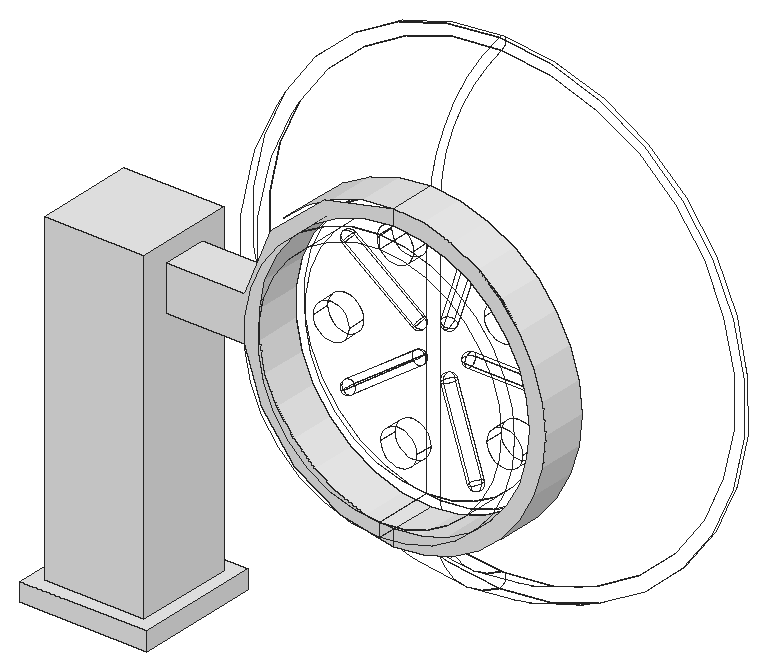
Revit family "Soap Holder-Wall-Caroma Quatro1", category Specialty Equipment, host Face, Revit 2013
Parameters (values of type "Standard")
  URL = "http://www.caroma.com.au/"
  Type Comments = "Caroma Quatro Soap Holder"  # constant formula
  ModifiedIssue_ANZRS = 1  # constant formula
  Model = "90734C"  # constant formula
  Material_ANZRS = Metal-Chrome-Caroma
  Manufacturer = "GWA Bathrooms & Kitchens"  # constant formula
  Length_ANZRS = 109 mm  # constant formula
  Glazing = Glass-Clear-Caroma
  Description = ""
  Default Elevation = 1000 mm
  CreatedBy_ANZRS = "Design Content"  # constant formula
  CreatedByURL_ANZRS = "www.designcontent.com.au"
  Cost = 0
  Assembly Code = "C1030200"
Reference planes
  plane 1 "Center (Elevation)": y = 0
  plane 2 "Back": z = 0
  plane 3 "Center (Left/Right)": x = 0
  plane 4 "Left": x = -14
  plane 5 "Right": x = 14
  plane 6 "Bottom": y = -14
  plane 7 "Top": y = 14
  plane 8 "Front": z = 130.5
  plane 9: z = 76
  plane 10 "Centre of Holder": x = 61.5
Forms (mm)
  Revolve 1, solid, material "Glass-Clear-Caroma" <- "Glazing"
    sketch origin (61.5, 0, 0) x (0, 1, 0) y (0, 0, 1)
      loop
        line (5.001, 96.992) -> (-9, 96.992) -> (-9, 94) -> (4, 94) -> (4, 67) -> (8, 67) -> (8, 97.225)
        arc (8, 97.225) -> (12.714, 110.859) -> (24.842, 118.67) r 22.073
        arc (24.842, 118.67) -> (25.943, 120.482) -> (24.131, 121.584) r 1.5
        arc (24.131, 121.584) -> (10.282, 112.62) -> (5.001, 96.992) r 25.073
      axis (24.842, 67) -> (-9, 67)
    angle from 0 to 360
  Extrusion 2, solid, material "Metal-Chrome-Caroma" <- "Material_ANZRS"
    sketch origin (0, 0, 0) x (1, 0, 0) y (0, 1, 0)
      loop
        line (-14, 14) -> (-14, -14) -> (14, -14) -> (14, 14) -> (-14, 14)
    from 0 to 4
  Extrusion 3, solid, material "Metal-Chrome-Caroma" <- "Material_ANZRS"
    sketch origin (0, 0, 0) x (1, 0, 0) y (0, 1, 0)
      loop
        line (-11, 11) -> (-11, -11) -> (11, -11) -> (11, 11) -> (-11, 11)
    from 4 to 76
  Extrusion 4, solid, material "Metal-Chrome-Caroma" <- "Material_ANZRS"
    sketch origin (0, 0, 0) x (1, 0, 0) y (0, 1, 0)
      loop
        line (11, 5) -> (11, -5) -> (29.606, -5) -> (29.606, 5) -> (11, 5)
    from 62 to 72
  Extrusion 5, void
    sketch origin (0, 0, 0) x (1, 0, 0) y (0, 0, 1)
      loop
        circle (78.279, 79.653) r 4
      loop
        circle (54.647, 86.964) r 4
      loop
        circle (40.447, 66.692) r 4
      loop
        circle (55.367, 46.882) r 4
      loop
        circle (78.845, 55.015) r 4
    from -31.945 to 14
  Revolve 6, solid, material "Glass-Clear-Caroma" <- "Glazing"
    sketch origin (0, 0, 67) x (1, 0, 0) y (0, 1, 0)
      loop
        arc (88.706, 8) -> (88.267, 9.061) -> (87.206, 9.5) r 1.5
        line (87.206, 9.5) -> (68.009, 9.5)
        arc (68.009, 9.5) -> (66.949, 9.061) -> (66.509, 8) r 1.5
        line (66.509, 8) -> (88.706, 8)
      axis (66.509, 8) -> (88.706, 8)
    angle from 0 to 360
  Revolve 7, solid, material "Glass-Clear-Caroma" <- "Glazing"
    sketch origin (42.341, 0, 8.034) x (0.309017, 0, 0.951057) y (0, 1, 0)
      loop
        arc (88.706, 8) -> (88.267, 9.061) -> (87.206, 9.5) r 1.5
        line (87.206, 9.5) -> (68.009, 9.5)
        arc (68.009, 9.5) -> (66.949, 9.061) -> (66.509, 8) r 1.5
        line (66.509, 8) -> (88.706, 8)
      axis (66.509, 8) -> (88.706, 8)
    angle from 0 to 360
  Revolve 8, solid, material "Glass-Clear-Caroma" <- "Glazing"
    sketch origin (111.659, 0, 30.557) x (-0.809017, 0, 0.587785) y (0, 1, 0)
      loop
        arc (88.706, 8) -> (88.267, 9.061) -> (87.206, 9.5) r 1.5
        line (87.206, 9.5) -> (68.009, 9.5)
        arc (68.009, 9.5) -> (66.949, 9.061) -> (66.509, 8) r 1.5
        line (66.509, 8) -> (88.706, 8)
      axis (66.509, 8) -> (88.706, 8)
    angle from 0 to 360
  Revolve 9, solid, material "Glass-Clear-Caroma" <- "Glazing"
    sketch origin (111.659, 0, 103.443) x (-0.809017, 0, -0.587785) y (0, 1, 0)
      loop
        arc (88.706, 8) -> (88.267, 9.061) -> (87.206, 9.5) r 1.5
        line (87.206, 9.5) -> (68.009, 9.5)
        arc (68.009, 9.5) -> (66.949, 9.061) -> (66.509, 8) r 1.5
        line (66.509, 8) -> (88.706, 8)
      axis (66.509, 8) -> (88.706, 8)
    angle from 0 to 360
  Revolve 10, solid, material "Glass-Clear-Caroma" <- "Glazing"
    sketch origin (42.341, 0, 125.965) x (0.309017, 0, -0.951057) y (0, 1, 0)
      loop
        arc (88.706, 8) -> (88.267, 9.061) -> (87.206, 9.5) r 1.5
        line (87.206, 9.5) -> (68.009, 9.5)
        arc (68.009, 9.5) -> (66.949, 9.061) -> (66.509, 8) r 1.5
        line (66.509, 8) -> (88.706, 8)
      axis (66.509, 8) -> (88.706, 8)
    angle from 0 to 360
  Revolve 11, solid, material "Metal-Chrome-Caroma" <- "Material_ANZRS"
    sketch origin (61.5, 0, 0) x (0, 1, 0) y (0, 0, 1)
      loop
        line (5, 100.499) -> (-4.985, 100.499) -> (-4.985, 96.992) -> (5, 96.992) -> (5, 100.499)
      axis (5, 67) -> (-4.985, 67)
    angle from 0 to 360
Cuts and joins
  joined: Extrusion 2, Extrusion 3, Extrusion 4, Revolve 11
  Extrusion 5 cuts Revolve 1
Dimensions and locks
  aligned and locked: plane 2 "Back" to host face
  aligned and locked: level to host face
